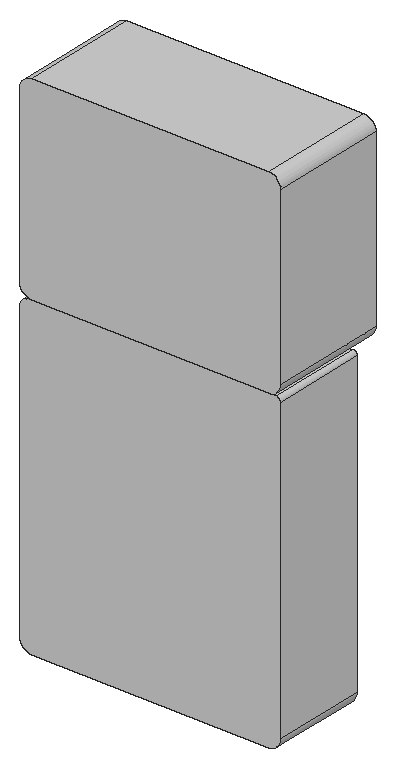
Revit family "Building-IEC309Boards-GEWISS-68QDIN-DISTRIBUTION-BOARD-10MOD_2SOCKET-OUTLETS_IB_VERT", category Attrezzatura elettrica, host Muro, Revit 2016
Family settings
  Host = Muro
  Configurazione quadro = Due colonne, circuiti in orizzontale
  Tipo di parte = Pannello comandi
  Quota connettore circolare = Usa diametro
  Numero OmniClass = 23.80.30.11.17
  Titolo OmniClass = Distribution Boards and Control Panels
  Sempre verticale = Sì
  Taglio con vuoti quando caricato = No
  Condiviso = No
  Punto di calcolo locali = No
Parameters (values of type "GW68025N - Q-DIN 10M.2 FLANGES S.O.BL.VR.SBF IP65")
  potenza = 400 V
  Working temperature = "-25 ÷ +40 °C"
  Voltaggio = "400V"
  Vista di pianta [instance] = yes
  Vetro = GEWISS - vetro
  Version type = "Empty"
  Version file RFA = "18.0"
  URL = "https://www.gewiss.com/ww/en"
  Thermo-pressure with ball = "70 °C"
  Technical sheet = "https://www.gewiss.com/ww/en/search?q=GW68025N"
  Struttura = GEWISS - Grigio RAL - 7035
  Simbolo [instance] = yes
  Shock resistance = "IK08"
  SEO = "Board"
  Realized by GEWISS S.p.A. = ""
  Produttore = "GEWISS S.p.A."
  Presa = GEWISS - Grigio RAL - 7035
  Operating temperature: = "-25 +40 °C"
  Offset etichetta nome quadro [instance] = 125 mm
  Panel Name [instance] = "NOME"
  No. of provided blank lids = "1 IB 16/32A"
  No. of modules EN 50022 = "10"
  No. of blank lids supplied = "1 IB 16/32A"
  No. IB socket-outlets houseable = "2 IB Vert. 16-32A IP67"
  Modello = "GW68025N"
  Insulation class = "II"
  Installation type = "Surface-mounting"
  Immagine tipo = GW68025N.jpg
  IP degree = "IP65"
  IFC.TypeObject = ""
  IFC.ExportType = ""
  IFC.ExportAs = ""
  IDT = "0e75038c-3d4e-49ed-b410-1e2ae7ccf8d5"
  IDF = "8d8d5ddc-ceb7-4ae3-b9f4-e87bff064777"
  Houseable socket = "2 IB Vert. 16-32A IP67"
  Houseable interloc. socket. = "2 IB Vert. 16-32A IP67"
  H_da terra = 1317.738 mm
  Glow Wire Test = "650°C"
  Electrocod = "2242"
  ETICHETTA NOME QUADRO [instance] = yes
  EAN code = "8011564750456"
  Dist_Simbolo_orizz [instance] = 0 mm
  Distanza dal muro [instance] = 0 mm
  Dispersible power B (W) = "42"
  Dispersible power A (W) = "16"
  Descrizione = "Q-DIN 10M.2 FLANGES S.O.BL.VR.SBF IP65"
  Cornice simbolo [instance] = no
  Colour = "Grey RAL 7035"
  Classificazione carico = Altro
  Catalogue Range = "68 QDIN"
  Catalogue = "BUILDING"
  Carico apparente = 0 VA
  COBie.Tagnumber = ""
  COBie.CreatedOn = ""
  COBie.CreatebBy = ""
  COBie.ComponentRegisterItemID = ""
  COBie.Component.TagNumber = ""
  COBie.Component.Space = ""
  COBie.Component.SerialNumber = ""
  COBie.Component.InstallationDate = ""
  COBie.Component.Description = ""
  COBie.Component.BarCode = ""
  Accordance with Standards = "EN 60208 - EN 60670-1 - IEC 60670-24"
Reference planes
  plane 1 "Muro": y = 0
  plane 2 "Centro (Sinistra/Destra)": x = 125
  plane 3 "Indietro": y = 75
  plane 4: z = 1317.738
  plane 5: y = 200
  plane 6: x = 125
Lines and regions (mm)
  Masking region 1
    outline origin (125, 0, 0) x (0, 1, 0) y (0, 0, 1)
      loop
        line (175, 1752.738) -> (75, 1752.738) -> (75, 1585.738) -> (175, 1585.738) -> (175, 1752.738)
  Masking region 2
    outline origin (125, 0, 0) x (0, 1, 0) y (0, 0, 1)
      loop
        line (75, 1585.738) -> (75, 1317.738) -> (155.196, 1317.738) -> (155.196, 1585.738) -> (75, 1585.738)
  Masking region 3, visible <- "Vista di pianta"
    outline origin (0, 0, 0) x (1, 0, 0) y (0, 1, 0)
      loop
        line (234.95, 175) -> (15.05, 175) -> (15.05, 75) -> (234.95, 75) -> (234.95, 175)
Text (mm)
  text "Lato posizionamento" at (-2042.569, 1000.943, 0), in view "Livello rif."
  text "Lato posizionamento" at (0, 1409.804, 2854.306), in view "Sinistra"
  text "Lato posizionamento" at (0, 499.811, 2980.732), in view "Destra"
Dimensions and locks
  locked: plane 3 "Indietro" to host wall
  "H_da terra": level to plane 4
  "Dist_Simbolo_orizz": plane 6 to plane 2 "Centro (Sinistra/Destra)"
  "Offset etichetta nome quadro": plane 5 to plane 3 "Indietro"
  aligned and locked: plane 1 "Muro" to host wall
  aligned and locked: nested 1 to plane 3 "Indietro"
  aligned and locked: plane 4 to nested 1
  aligned and locked: nested 2 to plane 5
  aligned and locked: plane 2 "Centro (Sinistra/Destra)" to nested 2
  aligned and locked: Masking region 1 sketch curve to nested 1  (x4)
  aligned and locked: Masking region 2 sketch curve to nested 1  (x3)
  aligned and locked: nested 1 to Masking region 2 sketch curve
  aligned and locked: plane 3 "Indietro" to Masking region 3
  aligned and locked: nested 3 to plane 6
  aligned and locked: nested 4 to plane 2 "Centro (Sinistra/Destra)"
  aligned and locked: nested 4 to plane 4
Automatic sketch dimensions
  Masking region 3 sketch curve to host wall = 0 mm
  Masking region 3 sketch curve to plane 2 "Centro (Sinistra/Destra)" = 109.95 mm
  plane 2 "Centro (Sinistra/Destra)" to Masking region 3 sketch curve = 109.95 mm
  Masking region 3 sketch curve to Masking region 3 sketch curve = 100 mm
Nested families
  nested 1: "QDIN10 QUADRO 2 PRESE  VERT" at (125, 75, 0) x (-1, 0, 0) z (0, 0, 1), type "QDIN10 QUADRO 2 PRESE  VERT"
  nested 2: "NOME QUADRO" at (125, 200, 0), visible <- "ETICHETTA NOME QUADRO", TXT <- "Panel Name", type "NOME QUADRO"
    with TXT "NOME"
  nested 3: "CENTRALINO" at (125, 106.045, 0), BORDO ACCESO <- "Cornice simbolo", SIMBOLO ACCESO <- "Simbolo", Distanza dal muro <- "Distanza dal muro", type "CENTRALINO"
    with SIMBOLO ACCESO yes, Distanza dal muro 0 mm, BORDO ACCESO no
  nested 4: "2D - QDIN10 X2 IND VERT" at (125, 75, 1317.738) x (-1, 0, 0) z (0, 1, 0), type "BIDIMENSIONALE"
Connectors
  electrical at (125, 115.098, 1317.738), driven by "potenza", driven by "Carico apparente", driven by "Classificazione carico"
    settings: on nested 1, index 1, voltage 400 V, apparent load 0 VA, apparent load phase1 0 VA, apparent load phase2 0 VA, apparent load phase3 0 VA, power factor 1, load classification "Altro", number of poles 1, system type 31, power factor state 1, is connector primary yes, connector utility no, sub classification motor no, connector description ""
Definition of nested family "QDIN10 QUADRO 2 PRESE  VERT"
  Parameters (values of type "QDIN10 QUADRO 2 PRESE  VERT")
    Vetro = none
    Struttura = none
    Spessore = 96 mm
    Default Elevation = 14 mm
    Presa = none
    Lunghezza = 220 mm
    IFC.TypeObject = ""
    IFC.ExportType = ""
    IFC.ExportAs = ""
    H_da terra = 1317.738 mm
    COBie.CreatedOn = ""
    COBie.CreatebBy = ""
    COBie.ComponentRegisterItemID = ""
    COBie.Component.TagNumber = ""
    COBie.Component.Space = ""
    COBie.Component.SerialNumber = ""
    COBie.Component.InstallationDate = ""
    COBie.Component.Description = ""
    COBie.Component.BarCode = ""
    Altezza = 435 mm
  Reference planes
    plane 1 "Centro (Fronte/Retro)": y = 0
    plane 2: z = 0
    plane 3 "Centro (Sinistra/Destra)": x = 0
    plane 4 "s": y = -100
    plane 5: z = 1317.738
    plane 6: z = 1752.738
    plane 7: x = -110
    plane 8: x = 110
    plane 9: z = 1585.738
    plane 10: y = -80.196
    plane 11: z = 1565.033
    plane 12: x = 95.006
    plane 13: z = 1344.004
    plane 14: x = -95.006
    plane 15: x = -107.597
    plane 16: x = 107.589
    plane 17: z = 1595.238
    plane 18: z = 1714.202
    plane 19: y = -46.089
    plane 20: y = -87.126
    plane 21: x = 5
    plane 22: x = -5
  Forms (mm)
    Extrusion 1, solid, material <- "Struttura"
      sketch origin (0, 0, 0) x (1, 0, 0) y (0, 0, 1)
        loop
          arc (-100, 1752.738) -> (-107.071, 1749.809) -> (-110, 1742.738) r 10
          line (-110, 1742.738) -> (-110, 1595.738)
          arc (-110, 1595.738) -> (-107.071, 1588.667) -> (-100, 1585.738) r 10
          line (-100, 1585.738) -> (100, 1585.738)
          arc (100, 1585.738) -> (107.071, 1588.667) -> (110, 1595.738) r 10
          line (110, 1595.738) -> (110, 1742.738)
          arc (110, 1742.738) -> (107.071, 1749.809) -> (100, 1752.738) r 10
          line (100, 1752.738) -> (-100, 1752.738)
      from 0 to 100
    Extrusion 2, solid, material <- "Struttura"
      sketch origin (0, 0, 0) x (1, 0, 0) y (0, 0, 1)
        loop
          line (102.45, 1585.738) -> (-106.38, 1585.738)
          arc (-106.38, 1585.738) -> (-108.94, 1584.678) -> (-110, 1582.118) r 3.62
          line (-110, 1582.118) -> (-110, 1327.738)
          arc (-110, 1327.738) -> (-107.071, 1320.667) -> (-100, 1317.738) r 10
          line (-100, 1317.738) -> (100, 1317.738)
          arc (100, 1317.738) -> (107.071, 1320.667) -> (110, 1327.738) r 10
          line (110, 1327.738) -> (110, 1578.188)
          arc (110, 1578.188) -> (107.789, 1583.527) -> (102.45, 1585.738) r 7.55
      from 0 to 80.196
    Extrusion 3, void
      sketch origin (0, 0, 0) x (1, 0, 0) y (0, 0, 1)
        loop
          line (-107.597, 1714.202) -> (-107.597, 1595.238) -> (107.589, 1595.238) -> (107.589, 1714.202) -> (-107.597, 1714.202)
      from 46.089 to 100
    Extrusion 4, solid, material <- "Vetro", detail levels fine
      sketch origin (0, 0, 0) x (1, 0, 0) y (0, 0, 1)
        loop
          line (-107.597, 1714.202) -> (-107.597, 1595.238) -> (107.589, 1595.238) -> (107.589, 1714.202) -> (-107.597, 1714.202)
      from 87.126 to 100
    Extrusion 5, solid, material <- "Presa", detail levels fine
      sketch origin (0, 0, 0) x (1, 0, 0) y (0, 0, 1)
        loop
          line (-95.006, 1344.004) -> (-5, 1344.004) -> (-5, 1565.033) -> (-95.006, 1565.033) -> (-95.006, 1344.004)
        loop
          line (5, 1565.033) -> (5, 1344.004) -> (95.006, 1344.004) -> (95.006, 1565.033) -> (5, 1565.033)
      from 80.196 to 87.126
  Cuts and joins
    Extrusion 3 cuts Extrusion 1
  Dimensions and locks
    plane 4 "s" to plane 1 "Centro (Fronte/Retro)" = 100 mm  (x2)
    "H_da terra": plane 5 to level
    equal spacing: plane 7, plane 3 "Centro (Sinistra/Destra)", plane 8
    "Lunghezza": plane 7 to plane 8
    locked: plane 4 "s" to plane 10 at 19.804
    locked: plane 12 to plane 8 at 14.994
    locked: plane 13 to plane 5 at 26.266
    locked: plane 14 to plane 7 at 14.994
    locked: plane 6 to plane 18 at 38.537
    locked: plane 17 to plane 9 at 9.5
    locked: plane 7 to plane 15 at 2.403
    locked: plane 16 to plane 8 at 2.411
    locked: plane 4 "s" to plane 19 at 53.911
    locked: plane 4 "s" to plane 20 at 12.874
    locked: plane 9 to plane 11 at 20.705
    "Altezza": plane 6 to plane 5
    locked: plane 18 to plane 17 at 118.963
    equal spacing: plane 21, plane 3 "Centro (Sinistra/Destra)", plane 22
    aligned and locked: level to plane 2
    aligned and locked: Extrusion 1 sketch curve to plane 6
    aligned and locked: plane 8 to Extrusion 1 sketch curve
    aligned and locked: plane 7 to Extrusion 1 sketch curve
    aligned and locked: plane 9 to Extrusion 1 sketch curve
    aligned and locked: Extrusion 1 to plane 4 "s"
    aligned and locked: Extrusion 2 sketch curve to plane 9
    aligned and locked: plane 8 to Extrusion 2 sketch curve
    aligned and locked: plane 7 to Extrusion 2 sketch curve
    aligned and locked: Extrusion 2 sketch curve to plane 5
    aligned and locked: Extrusion 2 to plane 10
    aligned and locked: Extrusion 3 sketch curve to plane 18
    aligned and locked: plane 16 to Extrusion 3 sketch curve
    aligned and locked: plane 15 to Extrusion 3 sketch curve
    aligned and locked: Extrusion 3 sketch curve to plane 17
    aligned and locked: plane 19 to cut or joined group of Extrusion 1, Extrusion 3
    aligned and locked: Extrusion 3 to plane 4 "s"
    aligned and locked: Extrusion 4 sketch curve to plane 18
    aligned and locked: plane 16 to Extrusion 4 sketch curve
    aligned and locked: Extrusion 4 sketch curve to plane 17
    aligned and locked: plane 15 to Extrusion 4 sketch curve
    aligned and locked: Extrusion 4 to plane 4 "s"
    aligned and locked: plane 20 to Extrusion 4
    aligned and locked: Extrusion 5 sketch curve to plane 13  (x2)
    aligned and locked: Extrusion 5 sketch curve to plane 14
    aligned and locked: plane 11 to Extrusion 5 sketch curve
    aligned and locked: plane 22 to Extrusion 5 sketch curve
    aligned and locked: plane 21 to Extrusion 5 sketch curve
    aligned and locked: Extrusion 5 sketch curve to plane 12
    aligned and locked: plane 10 to Extrusion 5
    aligned and locked: Extrusion 5 to plane 20
  Automatic sketch dimensions
    Extrusion 1 sketch curve to Extrusion 1 sketch curve = 10 mm  (x2)
    Extrusion 1 sketch curve to plane 7 = 10 mm
    plane 8 to Extrusion 1 sketch curve = 10 mm
    Extrusion 2 sketch curve to Extrusion 2 sketch curve = 3.62 mm
    Extrusion 2 sketch curve to plane 7 = 10 mm
    Extrusion 2 sketch curve to Extrusion 2 sketch curve = 10 mm
    plane 8 to Extrusion 2 sketch curve = 7.55 mm
    Extrusion 5 sketch curve to plane 11 = 0 mm
Definition of nested family "NOME QUADRO"
  Parameters (values of type "NOME QUADRO")
    TXT [instance] = ""
  Reference planes
    plane 1: y = 0
    plane 2: x = 0
  Text (mm)
    label "NOME QUADRO" at (0.217, 0.029, 0), shows "TXT"
Definition of nested family "CENTRALINO"
  Parameters (values of type "CENTRALINO")
    SIMBOLO ACCESO [instance] = yes
    Distanza dal muro [instance] = 0 mm
    BORDO ACCESO [instance] = yes
  Reference planes
    plane 1: y = 0
    plane 2: x = 0
  Dimensions and locks
    "Distanza dal muro": plane 1 to nested 1
    aligned and locked: plane 2 to nested 1
  Nested families
    nested 1: "CENTRALINO_BASE" at (0, 0, 0), BORDO ACCESO <- "BORDO ACCESO", visible <- "SIMBOLO ACCESO", type "CENTRALINO"
      with BORDO ACCESO yes
  Definition of nested family "CENTRALINO_BASE"
    Parameters (values of type "CENTRALINO")
      Distanza dal muro = 0 mm
      BORDO ACCESO [instance] = yes
    Reference planes
      plane 1: y = 0
      plane 2: x = 0
    Lines and regions (mm)
      detail lines, visible <- "BORDO ACCESO", not visible
        curve 1: line (-2.443, 10.208, 0) -> (2.057, 10.208, 0)
        curve 2: line (2.057, 10.208, 0) -> (2.057, 4.208, 0)
        curve 3: line (2.057, 4.208, 0) -> (-2.443, 4.208, 0)
        curve 4: line (-2.443, 4.208, 0) -> (-2.443, 10.208, 0)
        curve 5: line (-2.043, 9.808, 0) -> (1.657, 9.808, 0)
        curve 6: line (1.657, 9.808, 0) -> (1.657, 4.608, 0)
        curve 7: line (1.657, 4.608, 0) -> (-2.043, 4.608, 0)
        curve 8: line (-2.043, 4.608, 0) -> (-2.043, 9.808, 0)
      detail lines
        curve 9: line (0, 0.905, 0) -> (0, 0.235, 0)
        curve 10: line (0.659, 0.905, 0) -> (0.659, 1.564, 0)
        curve 11: line (0.659, 1.564, 0) -> (-0.659, 1.564, 0)
        curve 12: line (-0.659, 1.564, 0) -> (-0.659, 0.905, 0)
        curve 13: line (-0.659, 0.905, 0) -> (0.659, 0.905, 0)
        curve 14: line (0.497, 1.564, 0) -> (0.497, 2.235, 0)
        curve 15: line (0.167, 1.564, 0) -> (0.167, 2.235, 0)
        curve 16: line (-0.162, 1.564, 0) -> (-0.162, 2.235, 0)
        curve 17: line (-0.491, 1.564, 0) -> (-0.491, 2.235, 0)
Definition of nested family "2D - QDIN10 X2 IND VERT"
  Reference planes
    plane 1 "Centro (Fronte/Retro)": y = 0
    plane 2: z = 0
    plane 3 "Centro (Sinistra/Destra)": x = 0
  Lines and regions (mm)
    model lines, in view "Livello rif."
      curve 1: line (-93.92, 239.438, 0) -> (-92.622, 239.09, 0)
      curve 2: line (-92.622, 239.09, 0) -> (-91.671, 238.14, 0)
      curve 3: line (-91.671, 238.14, 0) -> (-91.323, 236.841, 0)
      curve 4: line (-91.323, 236.841, 0) -> (-91.671, 235.543, 0)
      curve 5: line (-91.671, 235.543, 0) -> (-92.622, 234.593, 0)
      curve 6: line (-92.622, 234.593, 0) -> (-93.92, 234.245, 0)
      curve 7: line (-93.92, 234.245, 0) -> (-95.218, 234.593, 0)
      curve 8: line (-95.218, 234.593, 0) -> (-96.168, 235.543, 0)
      curve 9: line (-96.168, 235.543, 0) -> (-96.516, 236.841, 0)
      curve 10: line (-96.516, 236.841, 0) -> (-96.168, 238.14, 0)
      curve 11: line (-96.168, 238.14, 0) -> (-95.218, 239.09, 0)
      curve 12: line (-95.218, 239.09, 0) -> (-93.92, 239.438, 0)
      curve 13: line (-1.243, 33.156, 0) -> (-1.243, 238.911, 0)
      curve 14: line (-1.243, 238.911, 0) -> (-1.76, 241.574, 0)
      curve 15: line (-1.76, 241.574, 0) -> (-3.33, 243.948, 0)
      curve 16: line (-3.33, 243.948, 0) -> (-5.488, 245.427, 0)
      curve 17: line (-5.488, 245.427, 0) -> (-8.367, 246.034, 0)
      curve 18: line (-8.367, 246.034, 0) -> (-97.137, 246.034, 0)
      curve 19: line (-97.137, 246.034, 0) -> (-100.015, 245.427, 0)
      curve 20: line (-100.015, 245.427, 0) -> (-102.173, 243.948, 0)
      curve 21: line (-102.173, 243.948, 0) -> (-103.743, 241.574, 0)
      curve 22: line (-103.743, 241.574, 0) -> (-104.26, 238.911, 0)
      curve 23: line (-104.26, 238.911, 0) -> (-104.26, 33.156, 0)
      curve 24: line (-104.26, 33.156, 0) -> (-103.743, 30.493, 0)
      curve 25: line (-103.743, 30.493, 0) -> (-102.173, 28.119, 0)
      curve 26: line (-102.173, 28.119, 0) -> (-100.015, 26.64, 0)
      curve 27: line (-100.015, 26.64, 0) -> (-97.137, 26.032, 0)
      curve 28: line (-97.137, 26.032, 0) -> (-8.367, 26.032, 0)
      curve 29: line (-8.367, 26.032, 0) -> (-5.488, 26.64, 0)
      curve 30: line (-5.488, 26.64, 0) -> (-3.33, 28.119, 0)
      curve 31: line (-3.33, 28.119, 0) -> (-1.76, 30.493, 0)
      curve 32: line (-1.76, 30.493, 0) -> (-1.243, 33.156, 0)
      curve 33: line (102.291, 272.167, 0) -> (102.153, 271.436, 0)
      curve 34: line (102.153, 271.436, 0) -> (101.706, 270.752, 0)
      curve 35: line (101.706, 270.752, 0) -> (101.208, 270.389, 0)
      curve 36: line (101.208, 270.389, 0) -> (100.29, 270.168, 0)
      curve 37: line (100.29, 270.168, 0) -> (-100.29, 270.168, 0)
      curve 38: line (-100.29, 270.168, 0) -> (-101.208, 270.389, 0)
      curve 39: line (-101.208, 270.389, 0) -> (-101.706, 270.752, 0)
      curve 40: line (-101.706, 270.752, 0) -> (-102.153, 271.436, 0)
      curve 41: line (-102.153, 271.436, 0) -> (-102.291, 272.167, 0)
      curve 42: line (-102.291, 272.167, 0) -> (-102.291, 385.799, 0)
      curve 43: line (-102.291, 385.799, 0) -> (-102.153, 386.53, 0)
      curve 44: line (-102.153, 386.53, 0) -> (-101.706, 387.214, 0)
      curve 45: line (-101.706, 387.214, 0) -> (-101.208, 387.577, 0)
      curve 46: line (-101.208, 387.577, 0) -> (-100.291, 387.799, 0)
      curve 47: line (-100.291, 387.799, 0) -> (100.291, 387.799, 0)
      curve 48: line (100.291, 387.799, 0) -> (101.208, 387.577, 0)
      curve 49: line (101.208, 387.577, 0) -> (101.706, 387.214, 0)
      curve 50: line (101.706, 387.214, 0) -> (102.153, 386.53, 0)
      curve 51: line (102.153, 386.53, 0) -> (102.291, 385.799, 0)
      curve 52: line (-110, 420, 0) -> (-110, 15, 0)
      curve 53: line (-110, 15, 0) -> (-109.451, 10.981, 0)
      curve 54: line (-109.451, 10.981, 0) -> (-108.144, 7.773, 0)
      curve 55: line (-108.144, 7.773, 0) -> (-105.607, 4.393, 0)
      curve 56: line (-105.607, 4.393, 0) -> (-102.763, 2.165, 0)
      curve 57: line (-102.763, 2.165, 0) -> (-99.387, 0.656, 0)
      curve 58: line (-99.387, 0.656, 0) -> (-95, 0, 0)
      curve 59: line (-95, 0, 0) -> (95, 0, 0)
      curve 60: line (95, 0, 0) -> (99.387, 0.656, 0)
      curve 61: line (99.387, 0.656, 0) -> (102.763, 2.165, 0)
      curve 62: line (102.763, 2.165, 0) -> (105.607, 4.393, 0)
      curve 63: line (105.607, 4.393, 0) -> (108.144, 7.773, 0)
      curve 64: line (108.144, 7.773, 0) -> (109.451, 10.981, 0)
      curve 65: line (109.451, 10.981, 0) -> (110, 15, 0)
      curve 66: line (110, 15, 0) -> (110, 420, 0)
      curve 67: line (110, 420, 0) -> (109.451, 424.019, 0)
      curve 68: line (109.451, 424.019, 0) -> (108.144, 427.227, 0)
      curve 69: line (108.144, 427.227, 0) -> (105.607, 430.607, 0)
      curve 70: line (105.607, 430.607, 0) -> (102.763, 432.835, 0)
      curve 71: line (102.763, 432.835, 0) -> (99.387, 434.344, 0)
      curve 72: line (99.387, 434.344, 0) -> (95, 435, 0)
      curve 73: line (95, 435, 0) -> (-95, 435, 0)
      curve 74: line (-95, 435, 0) -> (-99.387, 434.344, 0)
      curve 75: line (-99.387, 434.344, 0) -> (-102.763, 432.835, 0)
      curve 76: line (-102.763, 432.835, 0) -> (-105.607, 430.607, 0)
      curve 77: line (-105.607, 430.607, 0) -> (-108.144, 427.227, 0)
      curve 78: line (-108.144, 427.227, 0) -> (-109.451, 424.019, 0)
      curve 79: line (-109.451, 424.019, 0) -> (-110, 420, 0)
      curve 80: line (-90, 362.5, 0) -> (90, 362.5, 0)
      curve 81: line (90, 362.5, 0) -> (90, 317.5, 0)
      curve 82: line (90, 317.5, 0) -> (-90, 317.5, 0)
      curve 83: line (-90, 317.5, 0) -> (-90, 362.5, 0)
      curve 84: line (-102.291, 294.334, 0) -> (102.291, 294.334, 0)
      curve 85: line (102.291, 385.799, 0) -> (102.291, 272.167, 0)
      curve 86: line (-11.583, 239.438, 0) -> (-12.882, 239.09, 0)
      curve 87: line (-12.882, 239.09, 0) -> (-13.832, 238.14, 0)
      curve 88: line (-13.832, 238.14, 0) -> (-14.18, 236.841, 0)
      curve 89: line (-14.18, 236.841, 0) -> (-13.832, 235.543, 0)
      curve 90: line (-13.832, 235.543, 0) -> (-12.882, 234.593, 0)
      curve 91: line (-12.882, 234.593, 0) -> (-11.583, 234.245, 0)
      curve 92: line (-11.583, 234.245, 0) -> (-10.285, 234.593, 0)
      curve 93: line (-10.285, 234.593, 0) -> (-9.335, 235.543, 0)
      curve 94: line (-9.335, 235.543, 0) -> (-8.987, 236.841, 0)
      curve 95: line (-8.987, 236.841, 0) -> (-9.335, 238.14, 0)
      curve 96: line (-9.335, 238.14, 0) -> (-10.285, 239.09, 0)
      curve 97: line (-10.285, 239.09, 0) -> (-11.583, 239.438, 0)
      curve 98: line (-93.92, 32.629, 0) -> (-92.622, 32.977, 0)
      curve 99: line (-92.622, 32.977, 0) -> (-91.671, 33.927, 0)
      curve 100: line (-91.671, 33.927, 0) -> (-91.323, 35.225, 0)
      curve 101: line (-91.323, 35.225, 0) -> (-91.671, 36.523, 0)
      curve 102: line (-91.671, 36.523, 0) -> (-92.622, 37.474, 0)
      curve 103: line (-92.622, 37.474, 0) -> (-93.92, 37.822, 0)
      curve 104: line (-93.92, 37.822, 0) -> (-95.218, 37.474, 0)
      curve 105: line (-95.218, 37.474, 0) -> (-96.168, 36.523, 0)
      curve 106: line (-96.168, 36.523, 0) -> (-96.516, 35.225, 0)
      curve 107: line (-96.516, 35.225, 0) -> (-96.168, 33.927, 0)
      curve 108: line (-96.168, 33.927, 0) -> (-95.218, 32.977, 0)
      curve 109: line (-95.218, 32.977, 0) -> (-93.92, 32.629, 0)
      curve 110: line (-11.583, 32.629, 0) -> (-12.882, 32.977, 0)
      curve 111: line (-12.882, 32.977, 0) -> (-13.832, 33.927, 0)
      curve 112: line (-13.832, 33.927, 0) -> (-14.18, 35.225, 0)
      curve 113: line (-14.18, 35.225, 0) -> (-13.832, 36.523, 0)
      curve 114: line (-13.832, 36.523, 0) -> (-12.882, 37.474, 0)
      curve 115: line (-12.882, 37.474, 0) -> (-11.583, 37.822, 0)
      curve 116: line (-11.583, 37.822, 0) -> (-10.285, 37.474, 0)
      curve 117: line (-10.285, 37.474, 0) -> (-9.335, 36.523, 0)
      curve 118: line (-9.335, 36.523, 0) -> (-8.987, 35.225, 0)
      curve 119: line (-8.987, 35.225, 0) -> (-9.335, 33.927, 0)
      curve 120: line (-9.335, 33.927, 0) -> (-10.285, 32.977, 0)
      curve 121: line (-10.285, 32.977, 0) -> (-11.583, 32.629, 0)
      curve 122: line (22.866, 283.964, 0) -> (9.776, 283.964, 0)
      curve 123: line (34.911, 290.746, 0) -> (36.453, 290.746, 0)
      curve 124: line (36.453, 290.746, 0) -> (36.736, 290.578, 0)
      curve 125: line (36.736, 290.578, 0) -> (34.548, 288.056, 0)
      curve 126: line (34.548, 288.056, 0) -> (31.168, 285.857, 0)
      curve 127: line (31.168, 285.857, 0) -> (28.166, 284.655, 0)
      curve 128: line (28.166, 284.655, 0) -> (25.591, 284.129, 0)
      curve 129: line (25.591, 284.129, 0) -> (22.866, 283.964, 0)
      curve 130: line (-34.548, 288.056, 0) -> (-31.168, 285.857, 0)
      curve 131: line (-31.168, 285.857, 0) -> (-28.166, 284.655, 0)
      curve 132: line (-28.166, 284.655, 0) -> (-25.591, 284.129, 0)
      curve 133: line (-25.591, 284.129, 0) -> (-22.866, 283.964, 0)
      curve 134: line (-22.866, 283.964, 0) -> (-9.776, 283.964, 0)
      curve 135: line (-34.911, 290.746, 0) -> (-36.453, 290.746, 0)
      curve 136: line (-36.453, 290.746, 0) -> (-36.736, 290.578, 0)
      curve 137: line (-36.736, 290.578, 0) -> (-34.548, 288.056, 0)
      curve 138: line (-34.911, 290.746, 0) -> (-35.366, 292.186, 0)
      curve 139: line (-35.366, 292.186, 0) -> (-35.366, 294.334, 0)
      curve 140: line (-35.366, 294.334, 0) -> (-35.366, 296.591, 0)
      curve 141: line (-35.366, 296.591, 0) -> (-34.165, 298.364, 0)
      curve 142: line (-34.165, 298.364, 0) -> (-32.353, 299.64, 0)
      curve 143: line (-32.353, 299.64, 0) -> (-29.596, 301.03, 0)
      curve 144: line (-29.596, 301.03, 0) -> (-26.704, 301.917, 0)
      curve 145: line (-26.704, 301.917, 0) -> (-24.338, 302.269, 0)
      curve 146: line (-24.338, 302.269, 0) -> (-22.866, 302.329, 0)
      curve 147: line (-22.866, 302.329, 0) -> (22.866, 302.329, 0)
      curve 148: line (22.866, 302.329, 0) -> (24.338, 302.269, 0)
      curve 149: line (24.338, 302.269, 0) -> (26.704, 301.917, 0)
      curve 150: line (26.704, 301.917, 0) -> (29.596, 301.03, 0)
      curve 151: line (29.596, 301.03, 0) -> (32.353, 299.64, 0)
      curve 152: line (32.353, 299.64, 0) -> (34.165, 298.364, 0)
      curve 153: line (34.165, 298.364, 0) -> (35.366, 296.591, 0)
      curve 154: line (35.366, 296.591, 0) -> (35.366, 294.334, 0)
      curve 155: line (35.366, 294.334, 0) -> (35.366, 292.186, 0)
      curve 156: line (35.366, 292.186, 0) -> (34.911, 290.746, 0)
      curve 157: line (0.01, 273.656, 0) -> (-4.782, 274.94, 0)
      curve 158: line (-4.782, 274.94, 0) -> (-8.289, 278.447, 0)
      curve 159: line (-8.289, 278.447, 0) -> (-9.573, 283.239, 0)
      curve 160: line (-9.573, 283.239, 0) -> (-8.289, 288.031, 0)
      curve 161: line (-8.289, 288.031, 0) -> (-4.782, 291.538, 0)
      curve 162: line (-4.782, 291.538, 0) -> (0.01, 292.822, 0)
      curve 163: line (0.01, 292.822, 0) -> (4.802, 291.538, 0)
      curve 164: line (4.802, 291.538, 0) -> (8.309, 288.031, 0)
      curve 165: line (8.309, 288.031, 0) -> (9.593, 283.239, 0)
      curve 166: line (9.593, 283.239, 0) -> (8.309, 278.447, 0)
      curve 167: line (8.309, 278.447, 0) -> (4.802, 274.94, 0)
      curve 168: line (4.802, 274.94, 0) -> (0.01, 273.656, 0)
      curve 169: line (93.92, 239.438, 0) -> (92.622, 239.09, 0)
      curve 170: line (92.622, 239.09, 0) -> (91.671, 238.14, 0)
      curve 171: line (91.671, 238.14, 0) -> (91.323, 236.841, 0)
      curve 172: line (91.323, 236.841, 0) -> (91.671, 235.543, 0)
      curve 173: line (91.671, 235.543, 0) -> (92.622, 234.593, 0)
      curve 174: line (92.622, 234.593, 0) -> (93.92, 234.245, 0)
      curve 175: line (93.92, 234.245, 0) -> (95.218, 234.593, 0)
      curve 176: line (95.218, 234.593, 0) -> (96.168, 235.543, 0)
      curve 177: line (96.168, 235.543, 0) -> (96.516, 236.841, 0)
      curve 178: line (96.516, 236.841, 0) -> (96.168, 238.14, 0)
      curve 179: line (96.168, 238.14, 0) -> (95.218, 239.09, 0)
      curve 180: line (95.218, 239.09, 0) -> (93.92, 239.438, 0)
      curve 181: line (1.243, 33.156, 0) -> (1.243, 238.911, 0)
      curve 182: line (1.243, 238.911, 0) -> (1.76, 241.574, 0)
      curve 183: line (1.76, 241.574, 0) -> (3.33, 243.948, 0)
      curve 184: line (3.33, 243.948, 0) -> (5.488, 245.427, 0)
      curve 185: line (5.488, 245.427, 0) -> (8.367, 246.034, 0)
      curve 186: line (8.367, 246.034, 0) -> (97.137, 246.034, 0)
      curve 187: line (97.137, 246.034, 0) -> (100.015, 245.427, 0)
      curve 188: line (100.015, 245.427, 0) -> (102.173, 243.948, 0)
      curve 189: line (102.173, 243.948, 0) -> (103.743, 241.574, 0)
      curve 190: line (103.743, 241.574, 0) -> (104.26, 238.911, 0)
      curve 191: line (104.26, 238.911, 0) -> (104.26, 33.156, 0)
      curve 192: line (104.26, 33.156, 0) -> (103.743, 30.493, 0)
      curve 193: line (103.743, 30.493, 0) -> (102.173, 28.119, 0)
      curve 194: line (102.173, 28.119, 0) -> (100.015, 26.64, 0)
      curve 195: line (100.015, 26.64, 0) -> (97.137, 26.032, 0)
      curve 196: line (97.137, 26.032, 0) -> (8.367, 26.032, 0)
      curve 197: line (8.367, 26.032, 0) -> (5.488, 26.64, 0)
      curve 198: line (5.488, 26.64, 0) -> (3.33, 28.119, 0)
      curve 199: line (3.33, 28.119, 0) -> (1.76, 30.493, 0)
      curve 200: line (1.76, 30.493, 0) -> (1.243, 33.156, 0)
      curve 201: line (11.583, 239.438, 0) -> (12.882, 239.09, 0)
      curve 202: line (12.882, 239.09, 0) -> (13.832, 238.14, 0)
      curve 203: line (13.832, 238.14, 0) -> (14.18, 236.841, 0)
      curve 204: line (14.18, 236.841, 0) -> (13.832, 235.543, 0)
      curve 205: line (13.832, 235.543, 0) -> (12.882, 234.593, 0)
      curve 206: line (12.882, 234.593, 0) -> (11.583, 234.245, 0)
      curve 207: line (11.583, 234.245, 0) -> (10.285, 234.593, 0)
      curve 208: line (10.285, 234.593, 0) -> (9.335, 235.543, 0)
      curve 209: line (9.335, 235.543, 0) -> (8.987, 236.841, 0)
      curve 210: line (8.987, 236.841, 0) -> (9.335, 238.14, 0)
      curve 211: line (9.335, 238.14, 0) -> (10.285, 239.09, 0)
      curve 212: line (10.285, 239.09, 0) -> (11.583, 239.438, 0)
      curve 213: line (93.92, 32.629, 0) -> (92.622, 32.977, 0)
      curve 214: line (92.622, 32.977, 0) -> (91.671, 33.927, 0)
      curve 215: line (91.671, 33.927, 0) -> (91.323, 35.225, 0)
      curve 216: line (91.323, 35.225, 0) -> (91.671, 36.523, 0)
      curve 217: line (91.671, 36.523, 0) -> (92.622, 37.474, 0)
      curve 218: line (92.622, 37.474, 0) -> (93.92, 37.822, 0)
      curve 219: line (93.92, 37.822, 0) -> (95.218, 37.474, 0)
      curve 220: line (95.218, 37.474, 0) -> (96.168, 36.523, 0)
      curve 221: line (96.168, 36.523, 0) -> (96.516, 35.225, 0)
      curve 222: line (96.516, 35.225, 0) -> (96.168, 33.927, 0)
      curve 223: line (96.168, 33.927, 0) -> (95.218, 32.977, 0)
      curve 224: line (95.218, 32.977, 0) -> (93.92, 32.629, 0)
      curve 225: line (11.583, 32.629, 0) -> (12.882, 32.977, 0)
      curve 226: line (12.882, 32.977, 0) -> (13.832, 33.927, 0)
      curve 227: line (13.832, 33.927, 0) -> (14.18, 35.225, 0)
      curve 228: line (14.18, 35.225, 0) -> (13.832, 36.523, 0)
      curve 229: line (13.832, 36.523, 0) -> (12.882, 37.474, 0)
      curve 230: line (12.882, 37.474, 0) -> (11.583, 37.822, 0)
      curve 231: line (11.583, 37.822, 0) -> (10.285, 37.474, 0)
      curve 232: line (10.285, 37.474, 0) -> (9.335, 36.523, 0)
      curve 233: line (9.335, 36.523, 0) -> (8.987, 35.225, 0)
      curve 234: line (8.987, 35.225, 0) -> (9.335, 33.927, 0)
      curve 235: line (9.335, 33.927, 0) -> (10.285, 32.977, 0)
      curve 236: line (10.285, 32.977, 0) -> (11.583, 32.629, 0)
